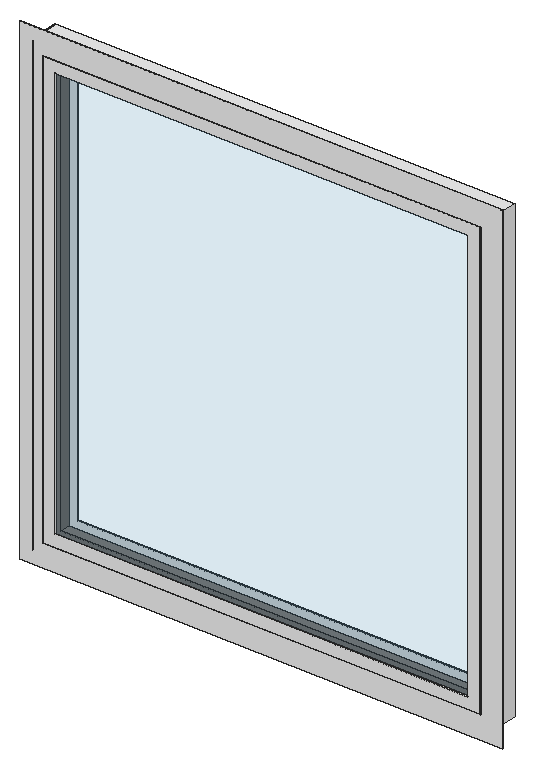
Revit family "Casement_36_I_Top_Hung_Standard", category Windows, host Wall, Revit 2014
Parameters (values of type "Casement_Sash_DG")
  Width Sash [instance] = 30 mm
  Width Sash Inner = 15 mm
  Width Bead = 15 mm
  Top Hung [instance] = yes
  Side Hung Right [instance] = yes
  Side Hung Left [instance] = yes
  Sash Opening Width [instance] = 600 mm
  Sash Opening Height [instance] = 600.312 mm
  Sash Lip = 15 mm
  Glazing Material [instance] = Glass
  DG Start Piece 2 [instance] = DG End Piece 1 + DG Gasket Thickness  # 25 mm
  DG Start Peice 1 [instance] = (Depth Sash - (2 * DG Glazing Thickness) - DG Gasket Thickness) / 2  # 6.6 mm
  Glazing Offset = 5 mm
  DG Glazing Thickness [instance] = 6.4 mm
  DG Gasket Thickness = 12 mm  # constant formula
  DG Gasket Material [instance] = Double Glazing Gasket Material
  DG End Piece 2 [instance] = DG Start Piece 2 + DG Glazing Thickness  # 31.4 mm
  DG End Piece 1 [instance] = DG Start Peice 1 + DG Glazing Thickness  # 13 mm
  Depth Sash [instance] = 38 mm
  Center Vertical Sash [instance] = Sash Opening Height / 2  # 300.156 mm
  Center Horizontal Sash [instance] = Sash Opening Width / 2  # 300 mm
  Bottom Hung [instance] = yes
  Bead Offset = 15 mm
  Aluminium Thickness = 1 mm
  Aluminium Material [instance] = White Powder Coated Aluminium
Reference planes
  plane 1 "Center (Front/Back)": y = 0
  plane 2: z = 0
  plane 3 "Center (Left/Right)": x = 0
Forms (mm)
  Sweep 1, solid, material "White Powder Coated Aluminium" <- "Aluminium Material"
    path origin (16.177, 0, 121.331) x (1, 0, 0) y (0, 0, 1)
      loop
        line (0, 0) -> (600, 0) -> (600, 600.312) -> (0, 600.312) -> (0, 0)
    profile origin (316.177, 0, 121.331) x (0, 0, 1) y (0, -1, 0)
      loop
        line (0, 0) -> (30, 0) -> (30, 1) -> (15, 1) -> (15, 38) -> (-15, 38) -> (-15, 37) -> (0, 37) -> (0, 0)
      loop
        line (14, 1) -> (14, 37) -> (1, 37) -> (1, 1) -> (14, 1)
  Sweep 2, solid, material "White Powder Coated Aluminium" <- "Aluminium Material"
    path origin (0, 0, 0) x (1, 0, 0) y (0, 0, 1)
      loop
        line (31.177, 706.643) -> (31.177, 136.331) -> (601.177, 136.331) -> (601.177, 706.643) -> (31.177, 706.643)
    profile origin (316.177, 0, 706.643) x (0, 0, 1) y (0, -1, 0)
      loop
        line (0, 37) -> (0, 38) -> (-15, 38) -> (-15, 37) -> (0, 37)
  Extrusion 3, solid, material "Glass" <- "Glazing Material"
    sketch origin (0, 0, 0) x (1, 0, 0) y (0, 0, 1)
      loop
        line (36.177, 701.643) -> (36.177, 141.331) -> (596.177, 141.331) -> (596.177, 701.643) -> (36.177, 701.643)
    from 6.6 <- "DG Start Peice 1" to 13 <- "DG End Piece 1"
  Extrusion 4, solid, material "Glass" <- "Glazing Material"
    sketch origin (0, 0, 0) x (1, 0, 0) y (0, 0, 1)
      loop
        line (36.177, 701.643) -> (36.177, 141.331) -> (596.177, 141.331) -> (596.177, 701.643) -> (36.177, 701.643)
    from 31.4 <- "DG End Piece 2" to 25 <- "DG Start Piece 2"
  Sweep 5, solid, material "Double Glazing Gasket Material" <- "DG Gasket Material"
    path origin (0, -13, 0) x (1, 0, 0) y (0, 0, 1)
      loop
        line (36.177, 701.643) -> (36.177, 141.331) -> (596.177, 141.331) -> (596.177, 701.643) -> (36.177, 701.643)
    profile origin (316.177, -13, 701.643) x (0, 0, 1) y (0, -1, 0)
      loop
        line (0, 0) -> (0, 12) -> (-7.96, 12) -> (-7.96, 0) -> (0, 0)
Lines and regions (mm)
  model lines
    curve 1: line (1.177, -38, 736.643) -> (31.177, -38, 706.643)
    curve 2: line (601.177, -38, 706.643) -> (631.177, -38, 736.643)
    curve 3: line (601.177, -38, 136.331) -> (631.177, -38, 106.331)
    curve 4: line (1.177, -38, 106.331) -> (31.177, -38, 136.331)
    curve 5: line (631.177, -37, 736.643) -> (616.177, -37, 721.643)
    curve 6: line (1.177, -37, 736.643) -> (16.177, -37, 721.643)
    curve 7: line (1.177, -37, 106.331) -> (16.177, -37, 121.331)
    curve 8: line (631.177, -37, 106.331) -> (616.177, -37, 121.331)
    curve 9: line (616.177, 0, 121.331) -> (586.177, 0, 151.331)
    curve 10: line (46.177, 0, 151.331) -> (16.177, 0, 121.331)
    curve 11: line (616.177, 0, 721.643) -> (586.177, 0, 691.643)
    curve 12: line (46.177, 0, 691.643) -> (16.177, 0, 721.643)
    curve 13: line (31.177, -38, 691.643) -> (46.177, -38, 691.643)
    curve 14: line (586.177, -38, 691.643) -> (601.177, -38, 691.643)
    curve 15: line (586.177, -38, 151.331) -> (601.177, -38, 151.331)
    curve 16: line (31.177, -38, 151.331) -> (46.177, -38, 151.331)
  model lines, style "GenericModelHiddenLines", visible <- "Top Hung"
    curve 17: line (46.386, -31.4, 690.914) -> (316.177, -31.4, 151.331)
    curve 18: line (316.177, -31.4, 151.331) -> (586.177, -31.4, 691.331)
  model lines, style "GenericModelHiddenLines", visible <- "Bottom Hung"
    curve 19: line (46.177, -31.4, 151.331) -> (316.177, -31.4, 691.331)
    curve 20: line (316.177, -31.4, 691.331) -> (586.177, -31.4, 151.331)
  model lines, style "GenericModelHiddenLines", visible <- "Side Hung Left"
    curve 21: line (46.386, -31.4, 690.914) -> (585.24, -31.4, 421.487)
    curve 22: line (585.24, -31.4, 421.487) -> (46.177, -31.4, 151.331)
  model lines, style "GenericModelHiddenLines", visible <- "Side Hung Right"
    curve 23: line (586.177, -31.4, 691.331) -> (46.177, -31.4, 421.487)
    curve 24: line (46.177, -31.4, 421.487) -> (586.177, -31.4, 151.331)
Dimensions and locks
  "Aluminium Thickness": Sweep 1 sketch curve to Sweep 1 sketch curve  (x4)
  "Depth Sash": Sweep 1 sketch curve to Sweep 1 sketch curve
  "Sash Opening Width": Sweep 1 to Sweep 1
  "Sash Opening Height": Sweep 1 to Sweep 1
  "Width Sash": Sweep 1 sketch curve to Sweep 1 sketch curve  (x2)
  "Width Sash Inner": Sweep 1 sketch curve to Sweep 1 sketch curve
  "Sash Lip": Sweep 1 sketch curve to Sweep 1 sketch curve
  "Aluminium Thickness": Sweep 1 to Sweep 2 sketch curve
  "Glazing Offset": Sweep 2 to Extrusion 3 sketch curve  (x3)
  "Glazing Offset": Extrusion 3 sketch curve to Sweep 2
  Sweep 1 to Sweep 1 = 1 mm
  "Aluminium Thickness": Sweep 2 sketch curve to Sweep 2 sketch curve
  "Width Bead": Sweep 2 sketch curve to Sweep 2 sketch curve
  locked: Sweep 5 sketch curve to Sweep 5 sketch curve at 7.96
  "Center Horizontal Sash": Sweep 1 to curve 18
  "Center Horizontal Sash": Sweep 1 to curve 20
  "Center Vertical Sash": Sweep 1 to curve 22
  "Center Vertical Sash": Sweep 1 to curve 24
  aligned and locked: level to plane 2
  aligned and locked: Sweep 1 sketch curve to Sweep 1 sketch curve  (x2)
  aligned and locked: Sweep 2 sketch curve to Sweep 1  (x5)
  aligned and locked: Extrusion 4 sketch curve to Extrusion 3  (x4)
  aligned and locked: Sweep 5 sketch curve to Extrusion 3  (x5)
  aligned and locked: Extrusion 3 to Sweep 5 sketch curve
Automatic sketch dimensions
  plane 3 "Center (Left/Right)" to Sweep 1 sketch curve = 16.177 mm
  level to Sweep 1 sketch curve = 121.331 mm
  plane 3 "Center (Left/Right)" to Sweep 1 sketch curve = 616.177 mm
  level to Sweep 1 sketch curve = 721.643 mm
  profile plane to Sweep 5 sketch curve = 12 mm
  curve 7 to Sweep 1 = 0 mm  (x4)
  curve 6 to Sweep 1 = 0 mm  (x3)
  Sweep 1 to curve 6 = 0 mm
  curve 5 to Sweep 1 = 0 mm  (x3)
  curve 8 to Sweep 1 = 0 mm  (x4)
  Sweep 1 to curve 5 = 0 mm
  curve 16 to Sweep 2 = 0 mm  (x3)
  curve 13 to Sweep 2 = 0 mm  (x3)
  curve 15 to Sweep 2 = 0 mm
  Sweep 2 to curve 15 = 0 mm  (x2)
  curve 14 to Sweep 2 = 0 mm  (x2)
  Sweep 2 to curve 14 = 0 mm
  curve 1 to Sweep 1 = 0 mm  (x4)
  curve 4 to Sweep 1 = 0 mm  (x3)
  Sweep 1 to curve 4 = 0 mm
  curve 3 to Sweep 1 = 0 mm  (x3)
  curve 2 to Sweep 1 = 0 mm  (x4)
  Sweep 1 to curve 3 = 0 mm
  curve 10 to Sweep 1 = 0 mm  (x4)
  curve 12 to Sweep 1 = 0 mm  (x3)
  Sweep 1 to curve 12 = 0 mm
  curve 9 to Sweep 1 = 0 mm  (x4)
  curve 11 to Sweep 1 = 0 mm  (x3)
  Sweep 1 to curve 11 = 0 mm
  Sweep 1 sketch curve to plane 1 "Center (Front/Back)" = 0 mm
  profile plane to Sweep 1 sketch curve = 0 mm
  curve 21 to Extrusion 4 = 10.208 mm
  curve 19 to Extrusion 4 = 10 mm
  curve 23 to Extrusion 4 = 10 mm  (x2)
  curve 22 to Extrusion 4 = 10.937 mm
  curve 20 to Extrusion 4 = 10 mm
  curve 24 to Extrusion 4 = 10 mm
  curve 22 to Extrusion 4 = 10 mm
  curve 18 to Extrusion 4 = 10 mm
  curve 21 to Extrusion 4 = 10.729 mm
  curve 19 to Extrusion 4 = 10.312 mm
  curve 18 to Extrusion 4 = 10.312 mm
Types in the file's own list only (24): name | Windload Design | Width Sash Opening | Width Sash 2 | Width Sash 1 | Width Profile | Width Panel 4 | Width Panel 3 | Width Panel 2 | Width Panel 1 | Width | URL | Max System DG Unit Thickness | Max System DG One Piece Thickness | Max Pane Area | Limit Sash Bottom Height Max Calc | Limit Sash Bottom Height Max Based On Top Sash | Intruderprufe U Value | Intruderprufe SHGC Value | Intruderprufe LowE U Value | Intruderprufe LowE SHGC Value | Intruderprufe Insulated U Value | Intruderprufe Insulated SHGC Value | Intruderprufe Insulated LowE U Value | Intruderprufe Insulated LowE SHGC Value | Height | Energy Advantage U Value | Energy Advantage SHGC Value | DG Thickness Calc | Custom Window Width | Custom Window Height | Custom Windload | Custom Sash Width | Custom Sash Bottom Height | Custom Sash Top Height | Sash Spacing Inner | Sash Overlap | Sash Center Offset | SG Gasket Thickness | Offset Window Exterior | Offset Sash Left | Offset Sash 2 Top | Offset Sash 1 Top | Offset Panel 4 Left | Offset Panel 3 Bead Top | Offset Mullion Left | Offset Transom 2 Top | Offset Transom 1 Top | Offset Bead SG Center Reversed | Model | Manufacturer | Limit Window Width Min | Limit Window Width Max | Limit Window Height Min | Limit Window Height Max | Limit Sash Width Min | Limit Sash Width Max | Limit Sash Bottom Height Min | Limit Sash Bottom Height Max | Limit Sash Top Height Min | Limit Sash Top Height Max | Limit Fixed Pane Width Min | Limit Fixed Pane Width Max | Limit Fixed Pane Height Min | Limit Fixed Pane Height Max | Length Transom | Length Mullion | Height Sash Bottom Opening | Height Sash Bottom | Height Sash Top Opening | Height Sash Top | Height Panel 4 | Height Panel 3 | Height Panel 2 | Height Panel 1 | Description | Depth Mullion | Frame Center Offset | Depth Bead | Default Sill Height | Wall Closure | DG Gasket Finish | DG Extrusion Start | Mullion Depth Windload Based | Window Exterior Offset | Clearvue U Value | Clearvue SHGC Value | Clearvue Insulated U Value | Clearvue Insulated SHGC Value | Clearvue Insulated LowE U Value | Clearvue Insulated LowE SHGC Value | Casement Dimension | Bottom Hung | Bead SG Gap | Area Pane Right | Area Pane Left Top | Area Pane Left Middle | Area Pane Left Bottom
  36-1215DT-1000Pa | 1000 mm | 554 mm | 524 mm | 524 mm | 30 mm | 560 mm | 540 mm | 540 mm | 540 mm | 1190 mm | "http://www.crealco.co.za/crealco-products.php" | 25 mm | 6 mm | 0.78 m² | 644 mm | 644 mm | 8.74 | 0.825 | 6.73 | 0.727 | 5.78 | 0.699 | 5.09 | 0.641 | 1490 mm | 6.89 | 0.776 | 4 mm | 1190 mm | 1490 mm | 1000 mm | 554 mm | 554 mm | 554 mm | 8 mm | 7 mm | 15 mm | 6 mm | 18 mm | 23 mm | 593 mm | 23 mm | 600 mm | 1170 mm | 570 mm | 1140 mm | 570 mm | 18 mm | "Casement 36" | "Crealco" | 830 mm | 2130 mm | 1400 mm | 1860 mm | 300 mm | 1200 mm | 300 mm | 644 mm | 300 mm | 900 mm | 200 mm | 1500 mm | 200 mm | 1800 mm | 540 mm | 1490 mm | 554 mm | 524 mm | 554 mm | 524 mm | 1430 mm | 290 mm | 540 mm | 540 mm | "Window 36mm, Type I top hung" | 54 mm | 18 mm | 22 mm | 800 mm | By host | Double Glazing Gasket Material | 8 mm | 54 mm | 0 mm | 8.94 | 0.866 | 5.93 | 0.762 | 5.21 | 0.695 | 36 mm | No | 13 mm | 0.78 m² | 0.23 m² | 0.23 m² | 0.15 m²
  36-1515DT-1000Pa | 1000 mm | 554 mm | 524 mm | 524 mm | 30 mm | 860 mm | 540 mm | 540 mm | 540 mm | 1490 mm | "http://www.crealco.co.za/crealco-products.php" | 25 mm | 6 mm | 1.21 m² | 644 mm | 644 mm | 9.48 | 0.96 | 7.1 | 0.845 | 6 | 0.815 | 5.16 | 0.745 | 1490 mm | 7.27 | 0.903 | 4 mm | 1490 mm | 1490 mm | 1000 mm | 554 mm | 554 mm | 554 mm | 8 mm | 7 mm | 15 mm | 6 mm | 18 mm | 23 mm | 593 mm | 23 mm | 600 mm | 1170 mm | 570 mm | 1140 mm | 570 mm | 18 mm | "Casement 36" | "Crealco" | 830 mm | 2130 mm | 1400 mm | 1860 mm | 300 mm | 1200 mm | 300 mm | 644 mm | 300 mm | 900 mm | 200 mm | 1500 mm | 200 mm | 1800 mm | 540 mm | 1490 mm | 554 mm | 524 mm | 554 mm | 524 mm | 1430 mm | 290 mm | 540 mm | 540 mm | "Window 36mm, Type I top hung" | 54 mm | 18 mm | 22 mm | 800 mm | By host | Double Glazing Gasket Material | 8 mm | 54 mm | 0 mm | 9.7 | 1.009 | 6.15 | 0.888 | 5.28 | 0.809 | 36 mm | No | 13 mm | 1.21 m² | 0.23 m² | 0.23 m² | 0.15 m²
  36-1815DT-1000Pa | 1000 mm | 900 mm | 870 mm | 870 mm | 30 mm | 814 mm | 886 mm | 886 mm | 886 mm | 1790 mm | "http://www.crealco.co.za/crealco-products.php" | 25 mm | 6 mm | 1.14 m² | 644 mm | 644 mm | 8.64 | 0.882 | 6.45 | 0.776 | 5.44 | 0.749 | 4.67 | 0.684 | 1490 mm | 6.6 | 0.83 | 4 mm | 1790 mm | 1490 mm | 1000 mm | 900 mm | 554 mm | 554 mm | 8 mm | 7 mm | 15 mm | 6 mm | 18 mm | 23 mm | 593 mm | 23 mm | 946 mm | 1170 mm | 916 mm | 1140 mm | 570 mm | 18 mm | "Casement 36" | "Crealco" | 1176 mm | 2476 mm | 1400 mm | 1860 mm | 300 mm | 1200 mm | 300 mm | 644 mm | 300 mm | 900 mm | 200 mm | 1500 mm | 200 mm | 1800 mm | 886 mm | 1490 mm | 554 mm | 524 mm | 554 mm | 524 mm | 1430 mm | 290 mm | 540 mm | 540 mm | "Window 36mm, Type I top hung" | 54 mm | 18 mm | 22 mm | 800 mm | By host | Double Glazing Gasket Material | 8 mm | 54 mm | 0 mm | 8.84 | 0.927 | 5.58 | 0.816 | 4.78 | 0.744 | 36 mm | No | 13 mm | 1.14 m² | 0.40 m² | 0.40 m² | 0.25 m²
  36-2415DT-1000Pa | 1000 mm | 900 mm | 870 mm | 870 mm | 30 mm | 1414 mm | 886 mm | 886 mm | 886 mm | 2390 mm | "http://www.crealco.co.za/crealco-products.php" | 25 mm | 6 mm | 2.41 m² | 900 mm | 944 mm | 9.6 | 1.046 | 6.97 | 0.919 | 5.76 | 0.889 | 4.83 | 0.81 | 1790 mm | 7.9 | 0 | 5 mm | 2390 mm | 1790 mm | 1000 mm | 900 mm | 554 mm | 554 mm | 8 mm | 7 mm | 15 mm | 6 mm | 18 mm | 23 mm | 593 mm | 23 mm | 946 mm | 1170 mm | 916 mm | 1140 mm | 570 mm | 18 mm | "Casement 36" | "Crealco" | 1176 mm | 2476 mm | 1400 mm | 1860 mm | 300 mm | 1200 mm | 300 mm | 900 mm | 300 mm | 900 mm | 200 mm | 1500 mm | 200 mm | 1800 mm | 886 mm | 1790 mm | 554 mm | 524 mm | 554 mm | 524 mm | 1730 mm | 590 mm | 540 mm | 540 mm | "Window 36mm, Type I top hung" | 70 mm | 18 mm | 22 mm | 800 mm | By host | Double Glazing Gasket Material | 8 mm | 70 mm | 0 mm | 7.9 | 0 | 5.91 | 0.968 | 4.94 | 0.881 | 36 mm | No | 13 mm | 2.41 m² | 0.40 m² | 0.40 m² | 0.51 m²
  36-1818DT-1000Pa | 1000 mm | 900 mm | 870 mm | 870 mm | 30 mm | 814 mm | 886 mm | 886 mm | 886 mm | 1790 mm | "http://www.crealco.co.za/crealco-products.php" | 25 mm | 6 mm | 1.38 m² | 900 mm | 944 mm | 9.04 | 0.953 | 6.66 | 0.839 | 5.56 | 0.81 | 4.72 | 0.739 | 1790 mm | 7.9 | 0 | 4 mm | 1790 mm | 1790 mm | 1000 mm | 900 mm | 554 mm | 554 mm | 8 mm | 7 mm | 15 mm | 6 mm | 18 mm | 23 mm | 593 mm | 23 mm | 946 mm | 1170 mm | 916 mm | 1140 mm | 570 mm | 18 mm | "Casement 36" | "Crealco" | 1176 mm | 2476 mm | 1400 mm | 1860 mm | 300 mm | 1200 mm | 300 mm | 900 mm | 300 mm | 900 mm | 200 mm | 1500 mm | 200 mm | 1800 mm | 886 mm | 1790 mm | 554 mm | 524 mm | 554 mm | 524 mm | 1730 mm | 590 mm | 540 mm | 540 mm | "Window 36mm, Type I top hung" | 70 mm | 18 mm | 22 mm | 800 mm | By host | Double Glazing Gasket Material | 8 mm | 70 mm | 0 mm | 7.9 | 0 | 5.7 | 0.822 | 4.83 | 0.803 | 36 mm | No | 13 mm | 1.38 m² | 0.40 m² | 0.40 m² | 0.51 m²
  36-2418DT-1000Pa | 1000 mm | 900 mm | 870 mm | 870 mm | 30 mm | 1414 mm | 886 mm | 886 mm | 886 mm | 2390 mm | "http://www.crealco.co.za/crealco-products.php" | 25 mm | 6 mm | 2.41 m² | 900 mm | 944 mm | 10.26 | 1.148 | 7.35 | 7.008 | 6.03 | 0.977 | 4.99 | 0.889 | 1790 mm | 7.9 | 0 | 5 mm | 2390 mm | 1790 mm | 1000 mm | 900 mm | 554 mm | 554 mm | 8 mm | 7 mm | 15 mm | 6 mm | 18 mm | 23 mm | 593 mm | 23 mm | 946 mm | 1170 mm | 916 mm | 1140 mm | 570 mm | 18 mm | "Casement 36" | "Crealco" | 1176 mm | 2476 mm | 1400 mm | 1860 mm | 300 mm | 1200 mm | 300 mm | 900 mm | 300 mm | 900 mm | 200 mm | 1500 mm | 200 mm | 1800 mm | 886 mm | 1790 mm | 554 mm | 524 mm | 554 mm | 524 mm | 1730 mm | 590 mm | 540 mm | 540 mm | "Window 36mm, Type I top hung" | 70 mm | 18 mm | 22 mm | 800 mm | By host | Double Glazing Gasket Material | 8 mm | 70 mm | 0 mm | 7.9 | 0 | 7.9 | 0 | 7.9 | 0 | 36 mm | No | 13 mm | 2.41 m² | 0.40 m² | 0.40 m² | 0.51 m²
  36-1218DT-1000Pa | 1000 mm | 554 mm | 524 mm | 524 mm | 30 mm | 560 mm | 540 mm | 540 mm | 540 mm | 1190 mm | "http://www.crealco.co.za/crealco-products.php" | 25 mm | 6 mm | 0.95 m² | 900 mm | 944 mm | 9.14 | 0.893 | 6.95 | 0.787 | 5.93 | 0.757 | 5.15 | 0.694 | 1790 mm | 7.11 | 0.84 | 4 mm | 1190 mm | 1790 mm | 1000 mm | 554 mm | 554 mm | 554 mm | 8 mm | 7 mm | 15 mm | 6 mm | 18 mm | 23 mm | 593 mm | 23 mm | 600 mm | 1170 mm | 570 mm | 1140 mm | 570 mm | 18 mm | "Casement 36" | "Crealco" | 830 mm | 2130 mm | 1400 mm | 1860 mm | 300 mm | 1200 mm | 300 mm | 900 mm | 300 mm | 900 mm | 200 mm | 1500 mm | 200 mm | 1800 mm | 540 mm | 1790 mm | 554 mm | 524 mm | 554 mm | 524 mm | 1730 mm | 590 mm | 540 mm | 540 mm | "Window 36mm, Type I top hung" | 54 mm | 18 mm | 22 mm | 800 mm | By host | Double Glazing Gasket Material | 8 mm | 54 mm | 0 mm | 9.35 | 0.937 | 6.08 | 0.825 | 5.29 | 0.752 | 36 mm | No | 13 mm | 0.95 m² | 0.23 m² | 0.23 m² | 0.31 m²
  36-1518DT-1000Pa | 1000 mm | 554 mm | 524 mm | 524 mm | 30 mm | 860 mm | 540 mm | 540 mm | 540 mm | 1490 mm | "http://www.crealco.co.za/crealco-products.php" | 25 mm | 6 mm | 1.46 m² | 900 mm | 944 mm | 10.08 | 1.051 | 7.46 | 0.925 | 6.25 | 0.893 | 5.3 | 0.816 | 1790 mm | 7.9 | 0 | 4 mm | 1490 mm | 1790 mm | 1000 mm | 554 mm | 554 mm | 554 mm | 8 mm | 7 mm | 15 mm | 6 mm | 18 mm | 23 mm | 593 mm | 23 mm | 600 mm | 1170 mm | 570 mm | 1140 mm | 570 mm | 18 mm | "Casement 36" | "Crealco" | 830 mm | 2130 mm | 1400 mm | 1860 mm | 300 mm | 1200 mm | 300 mm | 900 mm | 300 mm | 900 mm | 200 mm | 1500 mm | 200 mm | 1800 mm | 540 mm | 1790 mm | 554 mm | 524 mm | 554 mm | 524 mm | 1730 mm | 590 mm | 540 mm | 540 mm | "Window 36mm, Type I top hung" | 70 mm | 18 mm | 22 mm | 800 mm | By host | Double Glazing Gasket Material | 8 mm | 70 mm | 0 mm | 7.9 | 0 | 6.41 | 0.972 | 5.45 | 0.885 | 36 mm | No | 13 mm | 1.46 m² | 0.23 m² | 0.23 m² | 0.31 m²
  36-1215DT-1500Pa | 1500 mm | 554 mm | 524 mm | 524 mm | 30 mm | 560 mm | 540 mm | 540 mm | 540 mm | 1190 mm | "http://www.crealco.co.za/crealco-products.php" | 25 mm | 6 mm | 0.78 m² | 644 mm | 644 mm | 8.74 | 0.825 | 6.73 | 0.727 | 5.78 | 0.699 | 5.09 | 0.641 | 1490 mm | 6.89 | 0.776 | 4 mm | 1190 mm | 1490 mm | 1500 mm | 554 mm | 554 mm | 554 mm | 8 mm | 7 mm | 15 mm | 6 mm | 18 mm | 23 mm | 593 mm | 23 mm | 600 mm | 1170 mm | 570 mm | 1140 mm | 570 mm | 18 mm | "Casement 36" | "Crealco" | 830 mm | 2130 mm | 1400 mm | 1860 mm | 300 mm | 1200 mm | 300 mm | 644 mm | 300 mm | 900 mm | 200 mm | 1500 mm | 200 mm | 1800 mm | 540 mm | 1490 mm | 554 mm | 524 mm | 554 mm | 524 mm | 1430 mm | 290 mm | 540 mm | 540 mm | "Window 36mm, Type I top hung" | 54 mm | 18 mm | 22 mm | 800 mm | By host | Double Glazing Gasket Material | 8 mm | 54 mm | 0 mm | 8.94 | 0.866 | 5.93 | 0.762 | 5.21 | 0.695 | 36 mm | No | 13 mm | 0.78 m² | 0.23 m² | 0.23 m² | 0.15 m²
  36-1215DT-2000Pa | 2000 mm | 554 mm | 524 mm | 524 mm | 30 mm | 560 mm | 540 mm | 540 mm | 540 mm | 1190 mm | "http://www.crealco.co.za/crealco-products.php" | 25 mm | 6 mm | 0.78 m² | 644 mm | 644 mm | 8.74 | 0.825 | 6.73 | 0.727 | 5.78 | 0.699 | 5.09 | 0.641 | 1490 mm | 6.89 | 0.776 | 4 mm | 1190 mm | 1490 mm | 2000 mm | 554 mm | 554 mm | 554 mm | 8 mm | 7 mm | 15 mm | 6 mm | 18 mm | 23 mm | 593 mm | 23 mm | 600 mm | 1170 mm | 570 mm | 1140 mm | 570 mm | 18 mm | "Casement 36" | "Crealco" | 830 mm | 2130 mm | 1400 mm | 1860 mm | 300 mm | 1200 mm | 300 mm | 644 mm | 300 mm | 900 mm | 200 mm | 1500 mm | 200 mm | 1800 mm | 540 mm | 1490 mm | 554 mm | 524 mm | 554 mm | 524 mm | 1430 mm | 290 mm | 540 mm | 540 mm | "Window 36mm, Type I top hung" | 54 mm | 18 mm | 22 mm | 800 mm | By host | Double Glazing Gasket Material | 8 mm | 54 mm | 0 mm | 8.94 | 0.866 | 5.93 | 0.762 | 5.21 | 0.695 | 36 mm | No | 13 mm | 0.78 m² | 0.23 m² | 0.23 m² | 0.15 m²
  36-1515DT-1500Pa | 1500 mm | 554 mm | 524 mm | 524 mm | 30 mm | 860 mm | 540 mm | 540 mm | 540 mm | 1490 mm | "http://www.crealco.co.za/crealco-products.php" | 25 mm | 6 mm | 1.21 m² | 644 mm | 644 mm | 9.48 | 0.96 | 7.1 | 0.845 | 6 | 0.815 | 5.16 | 0.745 | 1490 mm | 7.27 | 0.903 | 4 mm | 1490 mm | 1490 mm | 1500 mm | 554 mm | 554 mm | 554 mm | 8 mm | 7 mm | 15 mm | 6 mm | 18 mm | 23 mm | 593 mm | 23 mm | 600 mm | 1170 mm | 570 mm | 1140 mm | 570 mm | 18 mm | "Casement 36" | "Crealco" | 830 mm | 2130 mm | 1400 mm | 1860 mm | 300 mm | 1200 mm | 300 mm | 644 mm | 300 mm | 900 mm | 200 mm | 1500 mm | 200 mm | 1800 mm | 540 mm | 1490 mm | 554 mm | 524 mm | 554 mm | 524 mm | 1430 mm | 290 mm | 540 mm | 540 mm | "Window 36mm, Type I top hung" | 54 mm | 18 mm | 22 mm | 800 mm | By host | Double Glazing Gasket Material | 8 mm | 54 mm | 0 mm | 9.7 | 1.009 | 6.15 | 0.888 | 5.28 | 0.809 | 36 mm | No | 13 mm | 1.21 m² | 0.23 m² | 0.23 m² | 0.15 m²
  36-1515DT-2000Pa | 2000 mm | 554 mm | 524 mm | 524 mm | 30 mm | 860 mm | 540 mm | 540 mm | 540 mm | 1490 mm | "http://www.crealco.co.za/crealco-products.php" | 25 mm | 6 mm | 1.21 m² | 644 mm | 644 mm | 9.48 | 0.96 | 7.1 | 0.845 | 6 | 0.815 | 5.16 | 0.745 | 1490 mm | 7.27 | 0.903 | 4 mm | 1490 mm | 1490 mm | 2000 mm | 554 mm | 554 mm | 554 mm | 8 mm | 7 mm | 15 mm | 6 mm | 18 mm | 23 mm | 593 mm | 23 mm | 600 mm | 1170 mm | 570 mm | 1140 mm | 570 mm | 18 mm | "Casement 36" | "Crealco" | 830 mm | 2130 mm | 1400 mm | 1860 mm | 300 mm | 1200 mm | 300 mm | 644 mm | 300 mm | 900 mm | 200 mm | 1500 mm | 200 mm | 1800 mm | 540 mm | 1490 mm | 554 mm | 524 mm | 554 mm | 524 mm | 1430 mm | 290 mm | 540 mm | 540 mm | "Window 36mm, Type I top hung" | 70 mm | 18 mm | 22 mm | 800 mm | By host | Double Glazing Gasket Material | 8 mm | 70 mm | 0 mm | 9.7 | 1.009 | 6.15 | 0.888 | 5.28 | 0.809 | 36 mm | No | 13 mm | 1.21 m² | 0.23 m² | 0.23 m² | 0.15 m²
  36-1815DT-1500Pa | 1500 mm | 900 mm | 870 mm | 870 mm | 30 mm | 814 mm | 886 mm | 886 mm | 886 mm | 1790 mm | "http://www.crealco.co.za/crealco-products.php" | 25 mm | 6 mm | 1.14 m² | 644 mm | 644 mm | 8.64 | 0.882 | 6.45 | 0.776 | 5.44 | 0.749 | 4.67 | 0.684 | 1490 mm | 6.6 | 0.83 | 4 mm | 1790 mm | 1490 mm | 1500 mm | 900 mm | 554 mm | 554 mm | 8 mm | 7 mm | 15 mm | 6 mm | 18 mm | 23 mm | 593 mm | 23 mm | 946 mm | 1170 mm | 916 mm | 1140 mm | 570 mm | 18 mm | "Casement 36" | "Crealco" | 1176 mm | 2476 mm | 1400 mm | 1860 mm | 300 mm | 1200 mm | 300 mm | 644 mm | 300 mm | 900 mm | 200 mm | 1500 mm | 200 mm | 1800 mm | 886 mm | 1490 mm | 554 mm | 524 mm | 554 mm | 524 mm | 1430 mm | 290 mm | 540 mm | 540 mm | "Window 36mm, Type I top hung" | 70 mm | 18 mm | 22 mm | 800 mm | By host | Double Glazing Gasket Material | 8 mm | 70 mm | 0 mm | 8.84 | 0.927 | 5.58 | 0.816 | 4.78 | 0.744 | 36 mm | No | 13 mm | 1.14 m² | 0.40 m² | 0.40 m² | 0.25 m²
  36-1815DT-2000Pa | 2000 mm | 900 mm | 870 mm | 870 mm | 30 mm | 814 mm | 886 mm | 886 mm | 886 mm | 1790 mm | "http://www.crealco.co.za/crealco-products.php" | 25 mm | 6 mm | 1.14 m² | 644 mm | 644 mm | 8.64 | 0.882 | 6.45 | 0.776 | 5.44 | 0.749 | 4.67 | 0.684 | 1490 mm | 6.6 | 0.83 | 4 mm | 1790 mm | 1490 mm | 2000 mm | 900 mm | 554 mm | 554 mm | 8 mm | 7 mm | 15 mm | 6 mm | 18 mm | 23 mm | 593 mm | 23 mm | 946 mm | 1170 mm | 916 mm | 1140 mm | 570 mm | 18 mm | "Casement 36" | "Crealco" | 1176 mm | 2476 mm | 1400 mm | 1860 mm | 300 mm | 1200 mm | 300 mm | 644 mm | 300 mm | 900 mm | 200 mm | 1500 mm | 200 mm | 1800 mm | 886 mm | 1490 mm | 554 mm | 524 mm | 554 mm | 524 mm | 1430 mm | 290 mm | 540 mm | 540 mm | "Window 36mm, Type I top hung" | 70 mm | 18 mm | 22 mm | 800 mm | By host | Double Glazing Gasket Material | 8 mm | 70 mm | 0 mm | 8.84 | 0.927 | 5.58 | 0.816 | 4.78 | 0.744 | 36 mm | No | 13 mm | 1.14 m² | 0.40 m² | 0.40 m² | 0.25 m²
  36-2415DT-1500Pa | 1500 mm | 900 mm | 870 mm | 870 mm | 30 mm | 1414 mm | 886 mm | 886 mm | 886 mm | 2390 mm | "http://www.crealco.co.za/crealco-products.php" | 25 mm | 6 mm | 2.41 m² | 900 mm | 944 mm | 9.6 | 1.046 | 6.97 | 0.919 | 5.76 | 0.889 | 4.83 | 0.81 | 1790 mm | 7.9 | 0 | 5 mm | 2390 mm | 1790 mm | 1500 mm | 900 mm | 554 mm | 554 mm | 8 mm | 7 mm | 15 mm | 6 mm | 18 mm | 23 mm | 593 mm | 23 mm | 946 mm | 1170 mm | 916 mm | 1140 mm | 570 mm | 18 mm | "Casement 36" | "Crealco" | 1176 mm | 2476 mm | 1400 mm | 1860 mm | 300 mm | 1200 mm | 300 mm | 900 mm | 300 mm | 900 mm | 200 mm | 1500 mm | 200 mm | 1800 mm | 886 mm | 1790 mm | 554 mm | 524 mm | 554 mm | 524 mm | 1730 mm | 590 mm | 540 mm | 540 mm | "Window 36mm, Type I top hung" | 90 mm | 18 mm | 22 mm | 800 mm | By host | Double Glazing Gasket Material | 8 mm | 90 mm | 0 mm | 7.9 | 0 | 5.91 | 0.968 | 4.94 | 0.881 | 36 mm | No | 13 mm | 2.41 m² | 0.40 m² | 0.40 m² | 0.51 m²
  36-2415DT-2000Pa | 2000 mm | 900 mm | 870 mm | 870 mm | 30 mm | 1414 mm | 886 mm | 886 mm | 886 mm | 2390 mm | "http://www.crealco.co.za/crealco-products.php" | 25 mm | 6 mm | 2.41 m² | 900 mm | 944 mm | 9.6 | 1.046 | 6.97 | 0.919 | 5.76 | 0.889 | 4.83 | 0.81 | 1790 mm | 7.9 | 0 | 5 mm | 2390 mm | 1790 mm | 2000 mm | 900 mm | 554 mm | 554 mm | 8 mm | 7 mm | 15 mm | 6 mm | 18 mm | 23 mm | 593 mm | 23 mm | 946 mm | 1170 mm | 916 mm | 1140 mm | 570 mm | 18 mm | "Casement 36" | "Crealco" | 1176 mm | 2476 mm | 1400 mm | 1860 mm | 300 mm | 1200 mm | 300 mm | 900 mm | 300 mm | 900 mm | 200 mm | 1500 mm | 200 mm | 1800 mm | 886 mm | 1790 mm | 554 mm | 524 mm | 554 mm | 524 mm | 1730 mm | 590 mm | 540 mm | 540 mm | "Window 36mm, Type I top hung" | 90 mm | 18 mm | 22 mm | 800 mm | By host | Double Glazing Gasket Material | 8 mm | 90 mm | 0 mm | 7.9 | 0 | 5.91 | 0.968 | 4.94 | 0.881 | 36 mm | No | 13 mm | 2.41 m² | 0.40 m² | 0.40 m² | 0.51 m²
  36-1218DT-1500Pa | 1500 mm | 554 mm | 524 mm | 524 mm | 30 mm | 560 mm | 540 mm | 540 mm | 540 mm | 1190 mm | "http://www.crealco.co.za/crealco-products.php" | 25 mm | 6 mm | 0.95 m² | 900 mm | 944 mm | 9.14 | 0.893 | 6.95 | 0.787 | 5.93 | 0.757 | 5.15 | 0.694 | 1790 mm | 7.11 | 0.84 | 4 mm | 1190 mm | 1790 mm | 1500 mm | 554 mm | 554 mm | 554 mm | 8 mm | 7 mm | 15 mm | 6 mm | 18 mm | 23 mm | 593 mm | 23 mm | 600 mm | 1170 mm | 570 mm | 1140 mm | 570 mm | 18 mm | "Casement 36" | "Crealco" | 830 mm | 2130 mm | 1400 mm | 1860 mm | 300 mm | 1200 mm | 300 mm | 900 mm | 300 mm | 900 mm | 200 mm | 1500 mm | 200 mm | 1800 mm | 540 mm | 1790 mm | 554 mm | 524 mm | 554 mm | 524 mm | 1730 mm | 590 mm | 540 mm | 540 mm | "Window 36mm, Type I top hung" | 70 mm | 18 mm | 22 mm | 800 mm | By host | Double Glazing Gasket Material | 8 mm | 70 mm | 0 mm | 9.35 | 0.937 | 6.08 | 0.825 | 5.29 | 0.752 | 36 mm | No | 13 mm | 0.95 m² | 0.23 m² | 0.23 m² | 0.31 m²
  36-1218DT-2000Pa | 2000 mm | 554 mm | 524 mm | 524 mm | 30 mm | 560 mm | 540 mm | 540 mm | 540 mm | 1190 mm | "http://www.crealco.co.za/crealco-products.php" | 25 mm | 6 mm | 0.95 m² | 900 mm | 944 mm | 9.14 | 0.893 | 6.95 | 0.787 | 5.93 | 0.757 | 5.15 | 0.694 | 1790 mm | 7.11 | 0.84 | 4 mm | 1190 mm | 1790 mm | 2000 mm | 554 mm | 554 mm | 554 mm | 8 mm | 7 mm | 15 mm | 6 mm | 18 mm | 23 mm | 593 mm | 23 mm | 600 mm | 1170 mm | 570 mm | 1140 mm | 570 mm | 18 mm | "Casement 36" | "Crealco" | 830 mm | 2130 mm | 1400 mm | 1860 mm | 300 mm | 1200 mm | 300 mm | 900 mm | 300 mm | 900 mm | 200 mm | 1500 mm | 200 mm | 1800 mm | 540 mm | 1790 mm | 554 mm | 524 mm | 554 mm | 524 mm | 1730 mm | 590 mm | 540 mm | 540 mm | "Window 36mm, Type I top hung" | 70 mm | 18 mm | 22 mm | 800 mm | By host | Double Glazing Gasket Material | 8 mm | 70 mm | 0 mm | 9.35 | 0.937 | 6.08 | 0.825 | 5.29 | 0.752 | 36 mm | No | 13 mm | 0.95 m² | 0.23 m² | 0.23 m² | 0.31 m²
  36-1518DT-1500Pa | 1500 mm | 554 mm | 524 mm | 524 mm | 30 mm | 860 mm | 540 mm | 540 mm | 540 mm | 1490 mm | "http://www.crealco.co.za/crealco-products.php" | 25 mm | 6 mm | 1.46 m² | 900 mm | 944 mm | 10.08 | 1.051 | 7.46 | 0.925 | 6.25 | 0.893 | 5.3 | 0.816 | 1790 mm | 7.9 | 0 | 4 mm | 1490 mm | 1790 mm | 1500 mm | 554 mm | 554 mm | 554 mm | 8 mm | 7 mm | 15 mm | 6 mm | 18 mm | 23 mm | 593 mm | 23 mm | 600 mm | 1170 mm | 570 mm | 1140 mm | 570 mm | 18 mm | "Casement 36" | "Crealco" | 830 mm | 2130 mm | 1400 mm | 1860 mm | 300 mm | 1200 mm | 300 mm | 900 mm | 300 mm | 900 mm | 200 mm | 1500 mm | 200 mm | 1800 mm | 540 mm | 1790 mm | 554 mm | 524 mm | 554 mm | 524 mm | 1730 mm | 590 mm | 540 mm | 540 mm | "Window 36mm, Type I top hung" | 70 mm | 18 mm | 22 mm | 800 mm | By host | Double Glazing Gasket Material | 8 mm | 70 mm | 0 mm | 7.9 | 0 | 6.41 | 0.972 | 5.45 | 0.885 | 36 mm | No | 13 mm | 1.46 m² | 0.23 m² | 0.23 m² | 0.31 m²
  36-1518DT-2000Pa | 2000 mm | 554 mm | 524 mm | 524 mm | 30 mm | 860 mm | 540 mm | 540 mm | 540 mm | 1490 mm | "http://www.crealco.co.za/crealco-products.php" | 25 mm | 6 mm | 1.46 m² | 900 mm | 944 mm | 10.14 | 1.054 | 7.52 | 0.927 | 6.29 | 0.894 | 5.37 | 0.815 | 1790 mm | 7.9 | 0 | 4 mm | 1490 mm | 1790 mm | 2000 mm | 554 mm | 554 mm | 554 mm | 8 mm | 7 mm | 15 mm | 6 mm | 18 mm | 23 mm | 593 mm | 23 mm | 600 mm | 1170 mm | 570 mm | 1140 mm | 570 mm | 18 mm | "Casement 36" | "Crealco" | 830 mm | 2130 mm | 1400 mm | 1860 mm | 300 mm | 1200 mm | 300 mm | 900 mm | 300 mm | 900 mm | 200 mm | 1500 mm | 200 mm | 1800 mm | 540 mm | 1790 mm | 554 mm | 524 mm | 554 mm | 524 mm | 1730 mm | 590 mm | 540 mm | 540 mm | "Window 36mm, Type I top hung" | 90 mm | 18 mm | 22 mm | 800 mm | By host | Double Glazing Gasket Material | 8 mm | 90 mm | 0 mm | 7.9 | 0 | 6.44 | 0.973 | 5.48 | 0.886 | 36 mm | No | 13 mm | 1.46 m² | 0.23 m² | 0.23 m² | 0.31 m²
  36-1818DT-1500Pa | 1500 mm | 900 mm | 870 mm | 870 mm | 30 mm | 814 mm | 886 mm | 886 mm | 886 mm | 1790 mm | "http://www.crealco.co.za/crealco-products.php" | 25 mm | 6 mm | 1.38 m² | 900 mm | 944 mm | 9.04 | 0.953 | 6.66 | 0.839 | 5.56 | 0.81 | 4.72 | 0.739 | 1790 mm | 7.9 | 0 | 4 mm | 1790 mm | 1790 mm | 1500 mm | 900 mm | 554 mm | 554 mm | 8 mm | 7 mm | 15 mm | 6 mm | 18 mm | 23 mm | 593 mm | 23 mm | 946 mm | 1170 mm | 916 mm | 1140 mm | 570 mm | 18 mm | "Casement 36" | "Crealco" | 1176 mm | 2476 mm | 1400 mm | 1860 mm | 300 mm | 1200 mm | 300 mm | 900 mm | 300 mm | 900 mm | 200 mm | 1500 mm | 200 mm | 1800 mm | 886 mm | 1790 mm | 554 mm | 524 mm | 554 mm | 524 mm | 1730 mm | 590 mm | 540 mm | 540 mm | "Window 36mm, Type I top hung" | 70 mm | 18 mm | 22 mm | 800 mm | By host | Double Glazing Gasket Material | 8 mm | 70 mm | 0 mm | 7.9 | 0 | 5.7 | 0.822 | 4.83 | 0.803 | 36 mm | No | 13 mm | 1.38 m² | 0.40 m² | 0.40 m² | 0.51 m²
  36-1818DT-2000Pa | 2000 mm | 900 mm | 870 mm | 870 mm | 30 mm | 814 mm | 886 mm | 886 mm | 886 mm | 1790 mm | "http://www.crealco.co.za/crealco-products.php" | 25 mm | 6 mm | 1.38 m² | 900 mm | 944 mm | 9.08 | 0.956 | 6.7 | 0.84 | 5.59 | 0.811 | 4.75 | 0.739 | 1790 mm | 7.9 | 0 | 4 mm | 1790 mm | 1790 mm | 2000 mm | 900 mm | 554 mm | 554 mm | 8 mm | 7 mm | 15 mm | 6 mm | 18 mm | 23 mm | 593 mm | 23 mm | 946 mm | 1170 mm | 916 mm | 1140 mm | 570 mm | 18 mm | "Casement 36" | "Crealco" | 1176 mm | 2476 mm | 1400 mm | 1860 mm | 300 mm | 1200 mm | 300 mm | 900 mm | 300 mm | 900 mm | 200 mm | 1500 mm | 200 mm | 1800 mm | 886 mm | 1790 mm | 554 mm | 524 mm | 554 mm | 524 mm | 1730 mm | 590 mm | 540 mm | 540 mm | "Window 36mm, Type I top hung" | 90 mm | 18 mm | 22 mm | 800 mm | By host | Double Glazing Gasket Material | 8 mm | 90 mm | 0 mm | 7.9 | 0 | 5.72 | 0.882 | 4.85 | 0.804 | 36 mm | No | 13 mm | 1.38 m² | 0.40 m² | 0.40 m² | 0.51 m²
  36-2418DT-1500Pa | 1500 mm | 900 mm | 870 mm | 870 mm | 30 mm | 1414 mm | 886 mm | 886 mm | 886 mm | 2390 mm | "http://www.crealco.co.za/crealco-products.php" | 25 mm | 6 mm | 2.41 m² | 900 mm | 944 mm | 10.29 | 1.149 | 7.39 | 1.01 | 6.05 | 0.977 | 5.02 | 0.889 | 1790 mm | 7.9 | 0 | 5 mm | 2390 mm | 1790 mm | 1500 mm | 900 mm | 554 mm | 554 mm | 8 mm | 7 mm | 15 mm | 6 mm | 18 mm | 23 mm | 593 mm | 23 mm | 946 mm | 1170 mm | 916 mm | 1140 mm | 570 mm | 18 mm | "Casement 36" | "Crealco" | 1176 mm | 2476 mm | 1400 mm | 1860 mm | 300 mm | 1200 mm | 300 mm | 900 mm | 300 mm | 900 mm | 200 mm | 1500 mm | 200 mm | 1800 mm | 886 mm | 1790 mm | 554 mm | 524 mm | 554 mm | 524 mm | 1730 mm | 590 mm | 540 mm | 540 mm | "Window 36mm, Type I top hung" | 90 mm | 18 mm | 22 mm | 800 mm | By host | Double Glazing Gasket Material | 8 mm | 90 mm | 0 mm | 7.9 | 0 | 7.9 | 0 | 7.9 | 0 | 36 mm | No | 13 mm | 2.41 m² | 0.40 m² | 0.40 m² | 0.51 m²
  36-2418DT-2000Pa | 2000 mm | 900 mm | 870 mm | 870 mm | 30 mm | 1414 mm | 886 mm | 886 mm | 886 mm | 2390 mm | "http://www.crealco.co.za/crealco-products.php" | 25 mm | 6 mm | 2.41 m² | 900 mm | 944 mm | 10.29 | 1.149 | 7.39 | 1.01 | 6.05 | 0.977 | 5.02 | 0.889 | 1790 mm | 7.9 | 0 | 5 mm | 2390 mm | 1790 mm | 2000 mm | 900 mm | 554 mm | 554 mm | 8 mm | 7 mm | 15 mm | 6 mm | 18 mm | 23 mm | 593 mm | 23 mm | 946 mm | 1170 mm | 916 mm | 1140 mm | 570 mm | 18 mm | "Casement 36" | "Crealco" | 1176 mm | 2476 mm | 1400 mm | 1860 mm | 300 mm | 1200 mm | 300 mm | 900 mm | 300 mm | 900 mm | 200 mm | 1500 mm | 200 mm | 1800 mm | 886 mm | 1790 mm | 554 mm | 524 mm | 554 mm | 524 mm | 1730 mm | 590 mm | 540 mm | 540 mm | "Window 36mm, Type I top hung" | 90 mm | 18 mm | 22 mm | 800 mm | By host | Double Glazing Gasket Material | 8 mm | 90 mm | 0 mm | 7.9 | 0 | 7.9 | 0 | 7.9 | 0 | 36 mm | No | 13 mm | 2.41 m² | 0.40 m² | 0.40 m² | 0.51 m²
